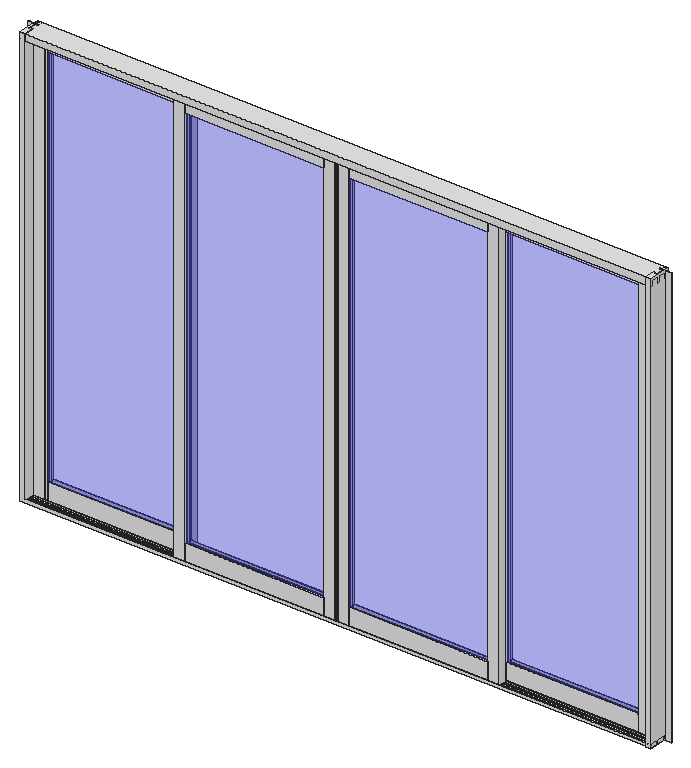
Revit family "Standard-Nail-On-OXXO-Sliding-Door-with-Low-Sill-and-Standard-Hardware", category Doors, host Wall, Revit 2026
Family settings
  Host = Wall
  Classification Number = 23.30.10.14.11
  Always vertical = Yes
  Cut with Voids When Loaded = No
  Shared = No
  Room Calculation Point = No
Parameters (values of type "4 Panel Sliding Door - OXXO")
  Wall Thickness [instance] = 0' - 6"
  URL = "https://www.allweatheraa.com/"
  Type Comments = "Multi-Panel Sliding Door"  # constant formula
  CD_Width Panel = ((CD_Width Opening + (0' 2 39/64" * (CD_Number of Panels - 1))) / CD_Number of Panels) - 0' 0 7/64" - 0' 0 149/256"  # 3' - 1.0791"
  CD_Width Opening = CD_Width - 0' 0 191/256"  # 11' - 11 65/256"
  CD_Width Min Panel = 2' - 8"  # constant formula
  CD_Width Min = (4 * CD_Width Min Panel) + 0' 0 3/4"  # 10' - 8 3/4"
  CD_Width Max Panel = 8' - 0"  # constant formula
  CD_Width Max = (4 * CD_Width Max Panel) + 0' 0 3/4"  # 32' - 0 3/4"
  CD_Width = if(CD_Requested Width > CD_Width Max, CD_Width Max, if(CD_Requested Width < CD_Width Min, CD_Width Min, CD_Requested Width))  # 12' - 0"
  CD_Warranty = "https://www.allweatheraa.com/warranties/"
  CD_Thickness = 0' - 4"  # constant formula
  CD_Specification = "http://allweatheraa.com/specs-cad-bim/"
  CD_Sill Height = 0' - 0 3/4"  # constant formula
  CD_Product Page URL = "https://www.allweatheraa.com/product-series-8150/"
  CD_Product Name = "Series 8150"  # constant formula
  CD_Product Documentation Link = "https://www.allweatheraa.com/architectural-manual/"
  CD_Microsite = "https://microsite.caddetails.com/4461/"
  CD_Jamb Width Right = 0' - 1 1/8"  # constant formula
  CD_Jamb Width Left = 0' - 1 1/8"  # constant formula
  CD_Jamb Extensions Depth [instance] = if(CD_Jamb Extensions Calc > 0' 0 1/8", CD_Jamb Extensions Calc, 0' 0 1/8")  # 0' - 2"
  CD_Jamb Extensions Calc [instance] = Wall Thickness - (CD_Thickness) + CD_Offset - CD_Inset  # 0' - 2"
  CD_Finish Jamb Ext = Wood-By_Others
  Thickness = CD_Thickness  # 0' - 4"
  Rough Width = CD_Width + 0' 1"  # 12' - 1"
  Rough Height = CD_Height + 0' 0 1/2"  # 8' - 0 1/2"
  Operation = "Sliding"
  Model = "OXXO"  # constant formula
  Manufacturer = "All Weather Architectural Aluminum"  # constant formula
  Interior Trim = no
  Function = Exterior
  Frame Projection Ext. = 0' - 1"
  Frame Projection Int. = 0' - 1"
  Frame Width = 0' - 3"
  Height = CD_Height  # 8' - 0"
  Wall Closure = By host
  Width = CD_Width  # 12' - 0"
  CD_Height Panel = CD_Height - 0' 0 47/128" - 0' 1 1/16"  # 7' - 10 73/128"
  CD_Height Min Panel = 3' - 10"  # constant formula
  CD_Height Max Panel = 12' - 0"  # constant formula
  CD_Height = if(CD_Requested Height > CD_Height Max Panel + 0' 1 1/4", CD_Height Max Panel + 0' 1 1/4", if(CD_Requested Height < CD_Height Min Panel + 0' 1 1/4", CD_Height Min Panel + 0' 1 1/4", CD_Requested Height))  # 8' - 0"
  CD_Head Height = 0' - 1 73/128"  # constant formula
  CD_Finish Interior Trim = Metal-Aluminum-All_Weather-Standard-White
  CD_Finish Exterior Trim = Wood-By_Others
  Exterior Trim = no
  Description = "Thermally Broken Stacking Door"  # constant formula
  Center Panel Location = (CD_Width Panel / 2) - 0' 1 5/16"  # 1' - 5.22705"
  CD_Requested Width = 12' - 0"
  CD_Requested Height = 8' - 0"
  CD_Offset = 0' - 0"
  CD_Number of Panels = 4  # constant formula
  CD_Jamb Extension = no
  CD_Inset = 0' - 0"
  CD_Finish Glass = Glass-All_Weather-OA-Insulated_Glass
  CD_Finish = Metal-Aluminum-All_Weather-Standard-White
  Assembly Code = "B2030110"
  Analytic Construction = "<None>"
Reference planes (in)
  plane 1 "Center (Front/Back)": y = 0
  plane 2 "Center (Left/Right)": x = 0
  plane 3 "Left": x = -72
  plane 4 "Right": x = 72
  plane 5 "Top": z = 96
  plane 6 "Exterior": y = 3
  plane 7 "Interior": y = -3
  plane 8 "Nail Fin": y = 3
  plane 9 "Inset": y = 3
  plane 10 "Front": y = 3
  plane 11 "Back": y = -1
  plane 12 "Bottom of Sill": z = 0
  plane 13 "Right Jamb": x = 70.875
  plane 14 "Left Jamb": x = -70.875
  plane 15 "Bottom of Header": z = 94.42969
  plane 16 "Top of Sill": z = 0.75
  plane 17 "Exterior Doors": y = 2
  plane 18 "Interior Doors": y = 0
  plane 19 "Door Sill Offset": z = 0.36719
Forms (in)
  Extrusion 1, solid, material "Wood-By_Others" <- "CD_Finish Exterior Trim", visible <- "Exterior Trim"
    sketch origin (-90, 3, 0) x (-1, 0, 0) y (0, 0, 1)
      loop
        line (-18, 95.63672) -> (-18, 0) -> (-15, 0) -> (-15, 98.63672) -> (-165, 98.63672) -> (-165, 0) -> (-162, 0) -> (-162, 95.63672) -> (-18, 95.63672)
    from 0 to 1
  Extrusion 2, solid, material "Metal-Aluminum-All_Weather-Standard-White" <- "CD_Finish Interior Trim", visible <- "Interior Trim"
    sketch origin (-90, -3, 0) x (1, 0, 0) y (0, 0, 1)
      loop
        line (18, 0) -> (18, 95.63672) -> (162, 95.63672) -> (162, 0) -> (165, 0) -> (165, 98.63672) -> (15, 98.63672) -> (15, 0) -> (18, 0)
    from 0 to 1
  Sweep 3, solid, material "Metal-Aluminum-All_Weather-Standard-White" <- "CD_Finish", detail levels fine
    path origin (0, -1, 0) x (-1, 0, 0) y (0, 0, 1)
      loop
        line (72, 0) -> (72, 96)
    profile origin (-72, -1, 48) x (1, 0, 0) y (0, 1, 0)
      loop
        line (0, 0) -> (1.12385, 0) -> (1.12385, 2.168) -> (0.77985, 2.168) -> (0.77985, 2.043) -> (0.37385, 2.043) -> (0.37385, 3.946) -> (0.77985, 3.946) -> (0.77985, 3.856) -> (1.12385, 3.856) -> (1.12385, 4.016) -> (0.37385, 4.016) -> (0.37385, 4.884) -> (0.99885, 4.884) -> (0.99885, 4.954) -> (0, 4.954) -> (0, 4.5493) -> (0.07, 4.5493) -> (0.07, 4.884) -> (0.30385, 4.884) -> (0.30385, 4.024) -> (-1.5, 4.024) -> (-1.5, 3.954) -> (0, 3.954) -> (0, 0)
  Extrusion 4, solid, material "Wood-By_Others" <- "CD_Finish Jamb Ext", visible <- "CD_Jamb Extension"
    sketch origin (0, 0, 0) x (1, 0, 0) y (0, 0, 1)
      loop
        line (-72, 0) -> (-71.375, 0) -> (-71.375, 95.375) -> (71.375, 95.375) -> (71.375, 0) -> (72, 0) -> (72, 96) -> (-72, 96) -> (-72, 0)
    from 3 to 1
  Sweep 5, solid, material "Metal-Aluminum-All_Weather-Standard-White" <- "CD_Finish", detail levels fine
    path origin (0, 3, 0) x (-1, 0, 0) y (0, 0, 1)
      loop
        line (-72, 96) -> (72, 96)
    profile origin (0, 3, 96) x (0, 0, 1) y (0, 1, 0)
      loop
        line (0, 0.954) -> (-1.08885, 0.954) -> (-1.08885, 0.705) -> (-0.37385, 0.705) -> (-0.37385, 0.388) -> (-0.65885, 0.388) -> (-0.65885, 0.328) -> (-0.37385, 0.328) -> (-0.37385, 0.016) -> (-1.57, 0.016) -> (-1.57, -0.152) -> (-0.37385, -0.152) -> (-0.37385, -1.84) -> (-1.57, -1.84) -> (-1.57, -2.152) -> (-0.37385, -2.152) -> (-0.37385, -3.84) -> (-1.57, -3.84) -> (-1.57, -4) -> (0, -4) -> (0, 0.954)
  Sweep 6, solid, material "Metal-Aluminum-All_Weather-Standard-White" <- "CD_Finish", detail levels fine
    path origin (0, 3, 0) x (-1, 0, 0) y (0, 0, 1)
      loop
        line (-72, 0) -> (72, 0)
    profile origin (0, 3, 0) x (0, 0, 1) y (0, 1, 0)
      loop
        line (0, 0.864) -> (0, -4) -> (0.75, -4) -> (0.75, -3.84) -> (0.185, -3.84) -> (0.14641, -3.40801) -> (0.75, -3.40801) -> (0.75, -3.18981) -> (0.35379, -3.18981) -> (0.35379, -2.80325) -> (0.75, -2.80325) -> (0.75, -2.58399) -> (0.14734, -2.58399) -> (0.17792, -2.152) -> (0.75, -2.152) -> (0.75, -1.84) -> (0.185, -1.84) -> (0.14641, -1.40801) -> (0.75, -1.40801) -> (0.75, -1.18181) -> (0.35379, -1.18181) -> (0.35379, -0.79525) -> (0.75, -0.79525) -> (0.75, -0.58399) -> (0.14734, -0.58399) -> (0.17792, -0.152) -> (0.75, -0.152) -> (0.75, 0.016) -> (0.13, 0.016) -> (0.10974, 0.328) -> (0.4048, 0.328) -> (0.4048, 0.388) -> (0.10584, 0.388) -> (0.07494, 0.864) -> (0, 0.864)
  Extrusion 7, solid, material "Metal-Aluminum-All_Weather-Standard-White" <- "CD_Finish", detail levels coarse+medium
    sketch origin (0, 3, 0) x (-1, 0, 0) y (0, 0, 1)
      loop
        line (-72, 96) -> (-72, 0) -> (72, 0) -> (72, 96) -> (-72, 96)
      loop
        line (70.875, 0.75) -> (70.875, 94.42969) -> (-70.875, 94.42969) -> (-70.875, 0.75) -> (70.875, 0.75)
    from 0 to -4
  Sweep 8, solid, material "Metal-Aluminum-All_Weather-Standard-White" <- "CD_Finish", detail levels fine
    path origin (0, -1, 0) x (1, 0, 0) y (0, 0, 1)
      loop
        line (72, 0) -> (72, 96)
    profile origin (72, -1, 48) x (1, 0, 0) y (0, 1, 0)
      loop
        line (0, 0) -> (0, 3.954) -> (1.5, 3.954) -> (1.5, 4.024) -> (-0.30385, 4.024) -> (-0.30385, 4.884) -> (-0.07, 4.884) -> (-0.07, 4.5493) -> (0, 4.5493) -> (0, 4.954) -> (-0.99885, 4.954) -> (-0.99885, 4.884) -> (-0.37385, 4.884) -> (-0.37385, 4.016) -> (-1.12385, 4.016) -> (-1.12385, 3.856) -> (-0.77985, 3.856) -> (-0.77985, 3.946) -> (-0.37385, 3.946) -> (-0.37385, 2.043) -> (-0.77985, 2.043) -> (-0.77985, 2.168) -> (-1.12385, 2.168) -> (-1.12385, 0) -> (0, 0)
Cuts and joins
  joined: Sweep 3, Sweep 6
Lines and regions (in)
  Opening 1
    outline origin (-90, -3, 0) x (1, 0, 0) y (0, 0, 1)
      loop
        line (18, 0) -> (162, 0) -> (162, 96) -> (18, 96) -> (18, 0)
  Masking region 1, visible <- "CD_Jamb Extension"
    outline origin (0, 0, 0) x (0, 1, 0) y (0, 0, 1)
      loop
        line (-1, 96) -> (-3, 96) -> (-3, 95.375) -> (-1, 95.375) -> (-1, 96)
  Masking region 2, visible <- "CD_Jamb Extension"
    outline origin (0, 0, 0) x (1, 0, 0) y (0, 1, 0)
      loop
        line (72, -3) -> (72, -1) -> (71.375, -1) -> (71.375, -3) -> (72, -3)
      loop
        line (-72, -3) -> (-71.375, -3) -> (-71.375, -1) -> (-72, -1) -> (-72, -3)
Text (in)
  text "Exterior" at (-74.96733, 27.31104, 0), in view "Ref. Level"
  text "Interior" at (-74.96733, -25.14366, 0), in view "Ref. Level"
  text "Exterior" at (0, 40.15149, 123.01588), in view "Right"
  text "Interior" at (0, -64.39139, 123.01588), in view "Right"
  text "Interior" at (0, -31.01599, 123.00693), in view "Left"
  text "Exterior" at (0, 54.57065, 123.00693), in view "Left"
Dimensions and locks (in)
  equal spacing: plane 3 "Left", plane 2 "Center (Left/Right)", plane 4 "Right"
  "Height": level to plane 5 "Top"
  "CD_Width": plane 3 "Left" to plane 4 "Right"
  "Frame Width": Extrusion 2 sketch curve to plane 3 "Left"
  "Frame Width": Extrusion 2 sketch curve to plane 4 "Right"
  "Frame Width": Extrusion 1 sketch curve to Extrusion 1 sketch curve  (x3)
  host wall to plane 5 "Top" = 8' - 0"
  "Frame Projection Int.": Extrusion 2 to host wall
  "Frame Projection Ext.": Extrusion 1 to host wall
  "CD_Offset": plane 8 "Nail Fin" to plane 9 "Inset"
  "CD_Inset": plane 6 "Exterior" to plane 9 "Inset"
  locked: plane 10 "Front" to plane 8 "Nail Fin" at 0
  "Thickness": plane 10 "Front" to plane 11 "Back"
  plane 12 "Bottom of Sill" to level = 0' - 0"
  locked: Extrusion 1 sketch curve to plane 5 "Top" at 0.36328
  locked: Extrusion 2 sketch curve to plane 5 "Top" at 0.36328
  "Frame Width": Extrusion 2 sketch curve to Extrusion 2 sketch curve
  plane 5 "Top" to level = 8' - 0"
  locked: Extrusion 4 sketch curve to Extrusion 2 at 0.625  (x2)
  locked: plane 5 "Top" to Extrusion 4 sketch curve at 0.625
  "Wall Thickness": host wall to host wall
  plane 3 "Left" to plane 4 "Right" = 12' - 0"
  "Thickness": plane 10 "Front" to Extrusion 7
  "CD_Jamb Extensions Depth": Masking region 1 sketch curve to plane 7 "Interior"
  locked: plane 5 "Top" to Masking region 1 sketch curve at 0.625
  locked: plane 3 "Left" to Masking region 2 sketch curve at 0.625
  locked: Masking region 2 sketch curve to plane 4 "Right" at 0.625
  "CD_Jamb Extensions Depth": plane 7 "Interior" to Masking region 2 sketch curve  (x2)
  locked: plane 2 "Center (Left/Right)" to nested 2 at 0.07732
  locked: nested 1 to plane 2 "Center (Left/Right)" at 0.08199
  Sweep 3 sketch curve to Sweep 3 sketch curve to Sweep 3 sketch curve to profile plane to Sweep 3 sketch curve to Sweep 3 sketch curve to Sweep 3 sketch curve to Sweep 3 sketch curve to Sweep 3 sketch curve to Sweep 3 sketch curve to Sweep 3 sketch curve to Sweep 3 sketch curve = 0' - 1 1/2" locked, 0' - 0" locked, 0' - 0" locked, 0' - 0.07" locked, 0' - 0.23385" locked, 0' - 0.07" locked, 0' - 0.406" locked, 0' - 0" locked, 0' - 0.219" locked, 0' - 0 1/8" locked, 0' - 0" locked
  Sweep 3 sketch curve to Sweep 3 sketch curve to Sweep 3 sketch curve to Sweep 3 sketch curve to Sweep 3 sketch curve to Sweep 3 sketch curve to Sweep 3 sketch curve to Sweep 3 sketch curve to Sweep 3 sketch curve to Sweep 3 sketch curve to Sweep 3 sketch curve to profile plane to Sweep 3 sketch curve = 0' - 0.07" locked, 0' - 0" locked, 0' - 0.3347" locked, 0' - 0.5253" locked, 0' - 0.008" locked, 0' - 0.062" locked, 0' - 0.008" locked, 0' - 0.09" locked, 0' - 1.688" locked, 0' - 0 1/8" locked, 0' - 2.043" locked, 0' - 0" locked
  Sweep 8 sketch curve to Sweep 8 sketch curve to Sweep 8 sketch curve to Sweep 8 sketch curve to Sweep 8 sketch curve to Sweep 8 sketch curve to Sweep 8 sketch curve to Sweep 8 sketch curve to Sweep 8 sketch curve to Sweep 8 sketch curve to profile plane to Sweep 8 sketch curve = 0' - 0" locked, 0' - 0 1/8", 0' - 0.219", 0' - 0" locked, 0' - 0.406", 0' - 0.07" locked, 0' - 0.23385" locked, 0' - 0.07", 0' - 0" locked, 0' - 0" locked, 0' - 1 1/2"
  Sweep 8 sketch curve to Sweep 8 sketch curve to Sweep 8 sketch curve to Sweep 8 sketch curve to Sweep 8 sketch curve to Sweep 8 sketch curve to Sweep 8 sketch curve to Sweep 8 sketch curve to Sweep 8 sketch curve to Sweep 8 sketch curve to Sweep 8 sketch curve to profile plane to Sweep 8 sketch curve = 0' - 0.07" locked, 0' - 0" locked, 0' - 0.3347" locked, 0' - 0.5253" locked, 0' - 0.008" locked, 0' - 0.062" locked, 0' - 0.008" locked, 0' - 0.09" locked, 0' - 1.688" locked, 0' - 0 1/8" locked, 0' - 2.043" locked, 0' - 0" locked
  "CD_Jamb Width Right": plane 13 "Right Jamb" to plane 4 "Right"
  "CD_Jamb Width Left": plane 3 "Left" to plane 14 "Left Jamb"
  "CD_Head Height": plane 15 "Bottom of Header" to plane 5 "Top"
  "CD_Sill Height": level to plane 16 "Top of Sill"
  Sweep 5 sketch curve to Sweep 5 sketch curve to Sweep 5 sketch curve to Sweep 5 sketch curve to Sweep 5 sketch curve to profile plane to Sweep 5 sketch curve to Sweep 5 sketch curve to Sweep 5 sketch curve to Sweep 5 sketch curve to Sweep 5 sketch curve = 0' - 0.249" locked, 0' - 0.317" locked, 0' - 0.06" locked, 0' - 0.312" locked, 0' - 0.016" locked, 0' - 0.152" locked, 0' - 1.688" locked, 0' - 0.312" locked, 0' - 1.688" locked, 0' - 0.16" locked
  Sweep 5 sketch curve to Sweep 5 sketch curve to Sweep 5 sketch curve to Sweep 5 sketch curve to Sweep 5 sketch curve to Sweep 5 sketch curve to Sweep 5 sketch curve to Sweep 5 sketch curve to profile plane to Sweep 5 sketch curve = 0' - 0", 0' - 0" locked, 0' - 0.48115" locked, 0' - 0.43" locked, 0' - 0.285" locked, 0' - 0" locked, 0' - 0" locked, 0' - 0.37385" locked, 0' - 0" locked
  locked: plane 10 "Front" to plane 17 "Exterior Doors" at 1
  locked: plane 10 "Front" to plane 18 "Interior Doors" at 3
  locked: plane 3 "Left" to nested 3 at 0.36919
  locked: nested 4 to plane 4 "Right" at 0.37385
  locked: plane 19 "Door Sill Offset" to level at 0.36719
  "CD_Jamb Extensions Depth": plane 11 "Back" to Extrusion 4
  Sweep 6 sketch curve to profile plane to Sweep 6 sketch curve to Sweep 6 sketch curve to Sweep 6 sketch curve to Sweep 6 sketch curve to Sweep 6 sketch curve to Sweep 6 sketch curve to Sweep 6 sketch curve to Sweep 6 sketch curve to Sweep 6 sketch curve to Sweep 6 sketch curve to Sweep 6 sketch curve to Sweep 6 sketch curve to Sweep 6 sketch curve to Sweep 6 sketch curve to Sweep 6 sketch curve to Sweep 6 sketch curve to Sweep 6 sketch curve to Sweep 6 sketch curve to Sweep 6 sketch curve to Sweep 6 sketch curve to Sweep 6 sketch curve to Sweep 6 sketch curve = 0' - 0" locked, 0' - 0.07494" locked, 0' - 0.03091" locked, 0' - 0 1/256" locked, 0' - 0.02026" locked, 0' - 0.01641" locked, 0' - 0" locked, 0' - 0.00093" locked, 0' - 0" locked, 0' - 0.03058" locked, 0' - 0" locked, 0' - 0.00708" locked, 0' - 0" locked, 0' - 0.16879" locked, 0' - 0" locked, 0' - 0.05101" locked, 0' - 0.3452" locked, 0' - 0" locked, 0' - 0" locked, 0' - 0" locked, 0' - 0" locked, 0' - 0" locked, 0' - 0" locked
  Sweep 6 sketch curve to Sweep 6 sketch curve to Sweep 6 sketch curve to Sweep 6 sketch curve to profile plane to Sweep 6 sketch curve to Sweep 6 sketch curve to Sweep 6 sketch curve to Sweep 6 sketch curve to Sweep 6 sketch curve to Sweep 6 sketch curve to Sweep 6 sketch curve to Sweep 6 sketch curve to Sweep 6 sketch curve to Sweep 6 sketch curve to Sweep 6 sketch curve to Sweep 6 sketch curve to Sweep 6 sketch curve = 0' - 0.476" locked, 0' - 0.06" locked, 0' - 0.312" locked, 0' - 0.016" locked, 0' - 0.152" locked, 0' - 0.43199" locked, 0' - 0.21126" locked, 0' - 0.38656" locked, 0' - 0.2262" locked, 0' - 0.43199" locked, 0' - 0.312" locked, 0' - 0.43199" locked, 0' - 0.21926" locked, 0' - 0.38656" locked, 0' - 0.2182" locked, 0' - 0.43199" locked, 0' - 0.16" locked
  aligned and locked: plane 3 "Left" to Opening 1 sketch curve
  aligned and locked: plane 5 "Top" to Opening 1 sketch curve  (x2)
  aligned and locked: Opening 1 sketch curve to plane 4 "Right"
  aligned and locked: Opening 1 sketch curve to level
  aligned and locked: plane 3 "Left" to Extrusion 1 sketch curve
  aligned and locked: Extrusion 1 sketch curve to plane 3 "Left"
  aligned and locked: level to Extrusion 1 sketch curve
  aligned and locked: plane 4 "Right" to Extrusion 1 sketch curve
  aligned and locked: Extrusion 1 to host wall
  aligned and locked: plane 3 "Left" to Extrusion 2 sketch curve
  aligned and locked: plane 4 "Right" to Extrusion 2 sketch curve  (x2)
  aligned and locked: level to Extrusion 2 sketch curve
  aligned and locked: Extrusion 2 sketch curve to level
  aligned and locked: Extrusion 2 to host wall
  aligned and locked: plane 6 "Exterior" to host wall
  aligned and locked: host wall to plane 7 "Interior"
  aligned and locked: plane 3 "Left" to Sweep 3 sketch curve
  aligned and locked: plane 4 "Right" to Sweep 5 sketch curve
  aligned and locked: plane 3 "Left" to Sweep 5 sketch curve
  aligned and locked: plane 3 "Left" to Sweep 6 sketch curve
  aligned and locked: plane 4 "Right" to Sweep 6 sketch curve
  aligned and locked: Sweep 6 sketch curve to level
  aligned and locked: plane 10 "Front" to Extrusion 7
  aligned and locked: cut or joined group of Sweep 3, Sweep 6 to Masking region 2 sketch curve  (x2)
  aligned and locked: plane 4 "Right" to Sweep 8 sketch curve
  aligned and locked: plane 5 "Top" to Sweep 8 sketch curve
  aligned and locked: level to Sweep 8 sketch curve
  aligned and locked: plane 4 "Right" to Extrusion 7 sketch curve
  aligned and locked: plane 13 "Right Jamb" to Extrusion 7 sketch curve
  aligned and locked: plane 5 "Top" to Extrusion 7 sketch curve
  aligned and locked: plane 15 "Bottom of Header" to Extrusion 7 sketch curve
  aligned and locked: Extrusion 7 sketch curve to plane 3 "Left"
  aligned and locked: Extrusion 7 sketch curve to plane 14 "Left Jamb"
  aligned and locked: level to Extrusion 7 sketch curve
  aligned and locked: plane 16 "Top of Sill" to Extrusion 7 sketch curve
  aligned and locked: nested 3 to plane 17 "Exterior Doors"
  aligned and locked: nested 1 to plane 18 "Interior Doors"
  aligned and locked: plane 17 "Exterior Doors" to nested 4
  aligned and locked: plane 18 "Interior Doors" to nested 2
  aligned and locked: nested 1 to plane 19 "Door Sill Offset"
  aligned and locked: nested 3 to plane 19 "Door Sill Offset"
  aligned and locked: plane 19 "Door Sill Offset" to nested 4
  aligned and locked: plane 19 "Door Sill Offset" to nested 2
  aligned and locked: Extrusion 4 to plane 11 "Back"
Automatic sketch dimensions
  Extrusion 1 sketch curve to level = 0' - 0"
  Extrusion 2 sketch curve to level = 0' - 0"
  Sweep 3 sketch curve to level = 0' - 0"
  Sweep 3 sketch curve to plane 5 "Top" = 0' - 0"
  plane 3 "Left" to Extrusion 4 sketch curve = 0' - 0"
  plane 4 "Right" to Extrusion 4 sketch curve = 0' - 0"
  Extrusion 4 sketch curve to level = 0' - 0"  (x2)
  Extrusion 4 sketch curve to plane 5 "Top" = 0' - 0"
  Sweep 5 sketch curve to plane 5 "Top" = 0' - 0"
  Sweep 8 sketch curve to Sweep 8 sketch curve = 0' - 0"
  Sweep 3 sketch curve to Sweep 3 sketch curve = 0' - 0"
  Sweep 5 sketch curve to Sweep 5 sketch curve = 0' - 0"
  Masking region 1 sketch curve to host wall = 0' - 0"
  plane 5 "Top" to Masking region 1 sketch curve = 0' - 0"
  host wall to Masking region 2 sketch curve = 0' - 0"  (x2)
Nested families (in)
  nested 1: "Nested-Panel-All_Weather-Series_8150" at (-18.62154, 0.11336, 0.36719), type "Active Left"
    with CD_Arrow Right yes, CD_Arrow Left no, CD_Internal Door no
  nested 2: "Nested-Panel-All_Weather-Series_8150" at (18.61687, 0.11336, 0.36719) x (-1, 0, 0) z (0, 0, 1), type "Active Right"
    with CD_Arrow Right yes, CD_Arrow Left no
  nested 3: "Nested-Panel-All_Weather-Series_8150" at (-53.09126, 2.11336, 0.36719), type "Fixed"
    with CD_Arrow Right no, CD_Arrow Left no
  nested 4: "Nested-Panel-All_Weather-Series_8150" at (53.0866, 2.11336, 0.36719) x (-1, 0, 0) z (0, 0, 1), type "Fixed"
    with CD_Arrow Right no, CD_Arrow Left no
Definition of nested family "Nested-Panel-All_Weather-Series_8150"
  Parameters (values of type "Active Right")
    URL = "http://www.weathershield.com"
    Type Comments = "Panel with Inside Jamb"
    Model = "8150"  # constant formula
    Manufacturer = "All Weather Architectural Aluminum"  # constant formula
    Description = "Stacking Door Panel"  # constant formula
    Default Elevation = 4' - 0"
    CD_Width = 3' - 1.0791"
    CD_Thickness = 0' - 1 1/2"  # constant formula
    CD_Sill Height = 0' - 4 27/256"  # constant formula
    CD_Pull Jamb = yes
    CD_Pull = yes
    CD_Jamb = no
    CD_Product Page URL = "https://www.allweatheraa.com/doors/series-8150-sliding-doors/"
    CD_Product Documentation Link = "https://www.allweatheraa.com/architectural-manual/"
    CD_Jamb Width Right = if(CD_Pull, 0' 2 23/32", if(CD_Internal Door, 0' 2 159/256", if(CD_Pull Jamb, 0' 3 51/256", 0' 2 39/64")))  # 0' - 2 23/32"
    CD_Jamb Width Left = if(CD_Jamb, 0' 4 19/256", 0' 2 39/64")  # 0' - 2 39/64"
    CD_Internal Door = yes
    CD_Height = 7' - 10 73/128"
    CD_Head Height = 0' - 2 5/8"  # constant formula
    CD_Glass Thickness = 0' - 1"  # constant formula
    CD_Glass Offset = 0' - 0 1/4"  # constant formula
    CD_Glass Inset = 0' - 0 169/256"  # constant formula
    CD_Finish Glass = none
    CD_Finish = none
    CD_Center Panel Right = no
    CD_Center Panel Left = yes
    CD_Arrow Right [instance] = no
    CD_Arrow Left [instance] = no
  Types (3): name | CD_Pull Jamb | CD_Pull | CD_Jamb | CD_Jamb Width Right | CD_Jamb Width Left | CD_Internal Door | CD_Center Panel Right | CD_Center Panel Left
    Active Left | yes | yes | no | 0' - 2 23/32" | 0' - 2 39/64" | yes | no | yes
    Fixed | no | no | yes | 0' - 2 39/64" | 0' - 4 19/256" | no | yes | no
    Active Right | yes | yes | no | 0' - 2 23/32" | 0' - 2 39/64" | yes | no | yes
  Reference planes (in)
    plane 1 "Center (Front/Back)": y = 0.11336
    plane 2 "Bottom": z = 0
    plane 3 "Center (Left/Right)": x = 0
    plane 4 "Front": y = 0.86336
    plane 5 "Back": y = -0.63664
    plane 6 "Left": x = -18.53955
    plane 7 "Right": x = 18.53955
    plane 8 "Top": z = 94.57031
    plane 9 "Glass Front": y = 0.61336
    plane 10 "Glass Back": y = -0.38664
    plane 11 "Glass Top": z = 92.60547
    plane 12 "Glass Bottom": z = 3.44531
    plane 13 "Glass Left": x = -16.59033
    plane 14 "Glass Right": x = 16.48096
    plane 15 "Center (Elevation)": z = 48.02539
    plane 16 "DLO Bottom": z = 4.10547
    plane 17 "DLO Top": z = 91.94531
    plane 18 "DLO Left": x = -15.93018
    plane 19 "DLO Right": x = 15.8208
    plane 20: y = 0.11336
  Forms (in)
    Extrusion 1, solid, material <- "CD_Finish Glass", detail levels coarse
      sketch origin (0, 0, 0) x (1, 0, 0) y (0, 1, 0)
        loop
          line (-15.93018, -0.38664) -> (15.8208, -0.38664) -> (15.8208, 0.61336) -> (-15.93018, 0.61336) -> (-15.93018, -0.38664)
      from 4.10547 to 91.94531
    Sweep 2, solid, material <- "CD_Finish", detail levels medium+fine
      path origin (0, 0.61336, -0.65988) x (-1, 0, 0) y (0, 0, 1)
        loop
          line (-15.8208, 0.65988) -> (15.93018, 0.65988)
      profile origin (-0.05469, 0.61336, 0) x (0, 0, 1) y (0, 1, 0)
        loop
          line (0, 0.2055) -> (0, 0.0495) -> (0.89378, 0.0495) -> (0.89378, -1.05052) -> (0, -1.05052) -> (0, -1.20652) -> (4.10547, -1.20652) -> (4.10547, -1.0615) -> (3.44531, -1.0615) -> (3.44531, 0.0615) -> (4.10547, 0.0615) -> (4.10547, 0.2055) -> (0, 0.2055)
    Sweep 3, solid, material <- "CD_Finish", visible <- "CD_Jamb", detail levels medium+fine
      path origin (0, 0.86336, 0) x (-1, 0, 0) y (0, 0, 1)
        loop
          line (18.53955, 0) -> (18.53955, 94.57031)
      profile origin (-18.53955, 0.86336, 47.28516) x (1, 0, 0) y (0, 1, 0)
        loop
          line (0, 0) -> (0, -0.08) -> (0.23483, -0.08) -> (0.23483, -1.42002) -> (0, -1.42002) -> (0, -1.5) -> (2.60938, -1.5) -> (2.60938, -1.31202) -> (1.94922, -1.31202) -> (1.94922, -0.188) -> (2.60938, -0.188) -> (2.60938, 0) -> (0, 0)
    Sweep 4, solid, material <- "CD_Finish", visible <- "CD_Center Panel Right", detail levels medium+fine
      path origin (0, 0.86336, 0) x (1, 0, 0) y (0, 0, 1)
        loop
          line (18.53955, 0) -> (18.53955, 94.57031)
      profile origin (18.53955, 0.86336, 47.28516) x (1, 0, 0) y (0, 1, 0)
        loop
          line (0, -1.50002) -> (0, -0.00007) -> (-1.80474, -0.00007) -> (-1.80474, 0.40071) -> (-2.50112, 0.40071) -> (-2.59855, 0.3746) -> (-2.59855, 0.27635) -> (-1.90472, 0.27635) -> (-1.90472, 0) -> (-2.71875, 0) -> (-2.71875, -0.188) -> (-2.05859, -0.188) -> (-2.05859, -1.31202) -> (-2.71875, -1.31202) -> (-2.71875, -1.50002) -> (0, -1.50002)
    Sweep 5, solid, material <- "CD_Finish", detail levels medium+fine
      path origin (0, 0.86336, 0) x (-1, 0, 0) y (0, 0, 1)
        loop
          line (15.93018, 94.57031) -> (-15.8208, 94.57031)
      profile origin (-0.05469, 0.86336, 94.57031) x (0, 0, -1) y (0, 1, 0)
        loop
          line (2.625, -0.04395) -> (0, -0.04395) -> (0, -0.12201) -> (0.09375, -0.12201) -> (0.09375, -1.37792) -> (0, -1.37792) -> (0, -1.45597) -> (2.625, -1.45597) -> (2.625, -1.31197) -> (1.96484, -1.31197) -> (1.96484, -0.18788) -> (2.625, -0.18788) -> (2.625, -0.04395)
    Extrusion 6, solid, material <- "CD_Finish", visible <- "CD_Center Panel Left", detail levels medium+fine
      sketch origin (0, 0, 0) x (1, 0, 0) y (0, 1, 0)
        loop
          line (-18.53955, 0.86336) -> (-18.53955, -1.03737) -> (-17.84317, -1.03737) -> (-17.74574, -1.01127) -> (-17.74574, -0.91302) -> (-18.43957, -0.91302) -> (-18.43957, -0.63667) -> (-15.93018, -0.63667) -> (-15.93018, -0.44867) -> (-16.59033, -0.44867) -> (-16.59033, 0.67536) -> (-15.93018, 0.67536) -> (-15.93018, 0.86336) -> (-18.53955, 0.86336)
      from 0 to 94.57031
    Extrusion 7, solid, material <- "CD_Finish", detail levels coarse
      sketch origin (0, 0.61336, 0) x (-1, 0, 0) y (0, 0, 1)
        loop
          line (18.53955, 94.0625) -> (-18.53955, 94.0625) -> (-18.53955, 0.38281) -> (18.53955, 0.38281) -> (18.53955, 94.0625)
        loop
          line (-15.8208, 4.10547) -> (15.93018, 4.10547) -> (15.93018, 91.94531) -> (-15.8208, 91.94531) -> (-15.8208, 4.10547)
      from -1.25 to 0.25
    Sweep 8, solid, material <- "CD_Finish", visible <- "CD_Pull Jamb", detail levels medium+fine
      path origin (0, 0.86328, 0) x (1, 0, 0) y (0, 0, 1)
        loop
          line (18.53955, 0) -> (18.53955, 94.57031)
      profile origin (18.53955, 0.86328, 47.28516) x (1, 0, 0) y (0, 1, 0)
        loop
          line (0, -1.5) -> (0, -1.42) -> (-0.23483, -1.42) -> (-0.23483, -0.07998) -> (0, -0.07998) -> (0, 0) -> (-2.71875, 0) -> (-2.71875, -0.18798) -> (-2.05859, -0.18798) -> (-2.05859, -1.312) -> (-2.71875, -1.312) -> (-2.71875, -1.5) -> (0, -1.5)
    Sweep 9, solid, material <- "CD_Finish", visible <- "CD_Internal Door", detail levels medium+fine
      path origin (14, 0.86328, 0) x (1, 0, 0) y (0, 0, -1)
        loop
          line (4.53955, 0) -> (4.53955, -94.57031)
      profile origin (18.53955, 0.86328, 47.28516) x (1, 0, 0) y (0, 1, 0)
        loop
          line (0.39414, -0.24462) -> (0, -0.24462) -> (0, -0.07998) -> (-0.23483, -0.07998) -> (-0.23483, -1.42) -> (0, -1.42) -> (0, -1.25523) -> (0.39414, -1.25523) -> (0.39414, -0.24462)
    Extrusion 10, solid, material <- "CD_Finish Glass", detail levels medium+fine
      sketch origin (0, 0, 0) x (1, 0, 0) y (0, 1, 0)
        loop
          line (-16.59033, 0.43452) -> (16.48096, 0.43452) -> (16.48096, 0.61336) -> (-16.59033, 0.61336) -> (-16.59033, 0.43452)
        loop
          line (16.48096, -0.2078) -> (-16.59033, -0.2078) -> (-16.59033, -0.38664) -> (16.48096, -0.38664) -> (16.48096, -0.2078)
      from 3.44531 to 92.60547
  Lines and regions (in)
    Masking region 1, detail levels medium+fine
      outline origin (0, 0, 0) x (1, 0, 0) y (0, 1, 0)
        loop
          line (-16.59033, 0.61336) -> (-16.59033, 0.43452) -> (16.48096, 0.43452) -> (16.48096, 0.61336) -> (-16.59033, 0.61336)
        loop
          line (-16.59033, -0.2078) -> (-16.59033, -0.38664) -> (16.48096, -0.38664) -> (16.48096, -0.2078) -> (-16.59033, -0.2078)
    Masking region 2, detail levels medium+fine
      outline origin (0, 0, 94.57031) x (0, 1, 0) y (-1, 0, 0)
        loop
          line (0.61336, -16.48096) -> (0.61336, -15.8208) -> (0.81886, -15.8208) -> (0.81886, 15.93018) -> (0.61336, 15.93018) -> (0.61336, 16.59033) -> (-0.38664, 16.59033) -> (-0.38664, 15.93018) -> (-0.59317, 15.93018) -> (-0.59317, -15.8208) -> (-0.38664, -15.8208) -> (-0.38664, -16.48096) -> (0.61336, -16.48096)
    Masking region 3, detail levels coarse
      outline origin (0, 0, 0) x (1, 0, 0) y (0, 1, 0)
        loop
          line (-15.93018, 0.61336) -> (-15.93018, -0.38664) -> (15.8208, -0.38664) -> (15.8208, 0.61336) -> (-15.93018, 0.61336)
    Masking region 4, detail levels coarse
      outline origin (0, 0, 0) x (1, 0, 0) y (0, 1, 0)
        loop
          line (-18.53955, 0.86336) -> (-18.53955, -0.63664) -> (-15.93018, -0.63664) -> (-15.93018, 0.86336) -> (-18.53955, 0.86336)
        loop
          line (18.53955, 0.86336) -> (15.8208, 0.86336) -> (15.8208, -0.63664) -> (18.53955, -0.63664) -> (18.53955, 0.86336)
    symbolic lines, visible <- "CD_Arrow Left"
      curve 1: line (-14.17236, 0.61336, 45.02539) -> (-14.17236, 0.61336, 51.02539)
      curve 2: line (-14.17236, 0.61336, 45.02539) -> (-11.17236, 0.61336, 48.02539)
      curve 3: line (-11.17236, 0.61336, 48.02539) -> (-14.17236, 0.61336, 51.02539)
    symbolic lines, visible <- "CD_Arrow Right"
      curve 4: line (14.17236, 0.61336, 45.02539) -> (14.17236, 0.61336, 51.02539)
      curve 5: line (14.17236, 0.61336, 45.02539) -> (11.17236, 0.61336, 48.02539)
      curve 6: line (11.17236, 0.61336, 48.02539) -> (14.17236, 0.61336, 51.02539)
  Dimensions and locks (in)
    equal spacing: plane 6 "Left", plane 3 "Center (Left/Right)", plane 7 "Right"
    "CD_Width": plane 6 "Left" to plane 7 "Right"
    equal spacing: plane 4 "Front", plane 1 "Center (Front/Back)", plane 5 "Back"
    "CD_Thickness": plane 4 "Front" to plane 5 "Back"
    locked: plane 10 "Glass Back" to Masking region 1 sketch curve at 0.17884
    locked: plane 9 "Glass Front" to Masking region 1 sketch curve at 0.17884
    equal spacing: plane 11 "Glass Top", plane 15 "Center (Elevation)", plane 12 "Glass Bottom"
    "CD_Glass Inset": plane 16 "DLO Bottom" to plane 12 "Glass Bottom"
    "CD_Glass Inset": plane 11 "Glass Top" to plane 17 "DLO Top"
    "CD_Jamb Width Left": plane 6 "Left" to plane 18 "DLO Left"
    "CD_Jamb Width Right": plane 19 "DLO Right" to plane 7 "Right"
    equal spacing: plane 10 "Glass Back", plane 20, plane 9 "Glass Front"
    curve 3 to curve 3 to plane 15 "Center (Elevation)" to curve 2 = 0' - 3" locked, 0' - 0" locked, 0' - 3" locked
    plane 6 "Left" to curve 1 to curve 3 = 0' - 4 47/128" locked, 0' - 3" locked
    "CD_Height": plane 8 "Top" to plane 2 "Bottom"
    "CD_Glass Offset": Extrusion 7 to plane 10 "Glass Back"
    Extrusion 6 to plane 17 "DLO Top" = 0' - 2 5/8"
    curve 6 to curve 6 to plane 15 "Center (Elevation)" to curve 5 = 0' - 3" locked, 0' - 0" locked, 0' - 3" locked
    plane 7 "Right" to curve 4 to curve 6 = 0' - 4 47/128" locked, 0' - 3" locked
    "CD_Glass Inset": plane 13 "Glass Left" to plane 18 "DLO Left"
    "CD_Glass Inset": plane 19 "DLO Right" to plane 14 "Glass Right"
    locked: profile plane to Sweep 3 sketch curve at 0.23483
    profile plane to Sweep 3 sketch curve to Sweep 3 sketch curve to Sweep 3 sketch curve to Sweep 3 sketch curve to Sweep 3 sketch curve to Sweep 3 sketch curve = 0' - 0" locked, 0' - 0.08" locked, 0' - 0.108" locked, 0' - 1.12402" locked, 0' - 0.108" locked, 0' - 0.07998" locked
    plane 6 "Left" to Extrusion 6 sketch curve to Extrusion 6 sketch curve to Extrusion 6 sketch curve = 0' - 0.09998" locked, 0' - 0.5964" locked, 0' - 0.09743" locked
    Extrusion 6 sketch curve to plane 4 "Front" to Extrusion 6 sketch curve to Extrusion 6 sketch curve to Extrusion 6 sketch curve to Extrusion 6 sketch curve to Extrusion 6 sketch curve to Extrusion 6 sketch curve = 0' - 0" locked, 0' - 0.188" locked, 0' - 1.12402" locked, 0' - 0.188" locked, 0' - 0.27635" locked, 0' - 0.09825" locked, 0' - 0.02611" locked
    plane 19 "DLO Right" to Sweep 4 sketch curve to Sweep 4 sketch curve to Sweep 4 sketch curve to Sweep 4 sketch curve = 0' - 0.1202" locked, 0' - 0.09743" locked, 0' - 0.5964" locked, 0' - 0.09998" locked
    Sweep 4 sketch curve to Sweep 4 sketch curve to Sweep 4 sketch curve to profile plane to Sweep 4 sketch curve to Sweep 4 sketch curve to Sweep 4 sketch curve to Sweep 4 sketch curve to Sweep 4 sketch curve = 0' - 0.02611" locked, 0' - 0.09825" locked, 0' - 0.27635" locked, 0' - 0" locked, 0' - 0.00007" locked, 0' - 0.18793" locked, 0' - 1.12402" locked, 0' - 0.188" locked
    Sweep 8 sketch curve to Sweep 8 sketch curve to Sweep 8 sketch curve to Sweep 8 sketch curve to profile plane = 0' - 0.188" locked, 0' - 1.12402" locked, 0' - 0.18798" locked, 0' - 0" locked
    Extrusion 7 to Extrusion 7 = 0' - 1 1/2"
    "CD_Head Height": plane 8 "Top" to plane 17 "DLO Top"
    "CD_Sill Height": plane 16 "DLO Bottom" to level
    locked: Sweep 5 sketch curve to profile plane at 0.09375
    profile plane to Sweep 5 sketch curve to Sweep 5 sketch curve to Sweep 5 sketch curve = 0' - 0.04395" locked, 0' - 0.07806" locked, 0' - 0.06587" locked
    Sweep 5 sketch curve to Sweep 5 sketch curve to Sweep 5 sketch curve to plane 5 "Back" = 0' - 0.06594" locked, 0' - 0.07806" locked, 0' - 0.04403" locked
    plane 4 "Front" to Sweep 2 sketch curve to Sweep 2 sketch curve to Sweep 2 sketch curve = 0' - 0.0445" locked, 0' - 0.144" locked, 0' - 0.012" locked
    Sweep 2 sketch curve to Sweep 2 sketch curve to Sweep 2 sketch curve to plane 5 "Back" = 0' - 0.01098" locked, 0' - 0.14502" locked, 0' - 0.04348" locked
    "CD_Glass Offset": plane 4 "Front" to plane 9 "Glass Front"
    "CD_Glass Thickness": plane 9 "Glass Front" to plane 10 "Glass Back"
    Sweep 9 sketch curve to Sweep 9 sketch curve to profile plane to Sweep 9 sketch curve = 0' - 0.23483" locked, 0' - 0" locked, 0' - 0.39414" locked
    profile plane to Sweep 9 sketch curve to Sweep 9 sketch curve to Sweep 9 sketch curve to Sweep 9 sketch curve = 0' - 0.07998" locked, 0' - 0.16465" locked, 0' - 1.01061" locked, 0' - 0.16477" locked
    locked: Masking region 2 sketch curve to plane 5 "Back" at 0.04348
    locked: plane 4 "Front" to Masking region 2 sketch curve at 0.0445
    locked: Extrusion 7 sketch curve to plane 8 "Top" at 0.50781
    locked: Extrusion 10 sketch curve to plane 10 "Glass Back" at 0.17884
    locked: plane 9 "Glass Front" to Extrusion 10 sketch curve at 0.17884
    locked: Extrusion 7 sketch curve to level at 0.38281
    aligned and locked: plane 2 "Bottom" to level
    aligned and locked: plane 9 "Glass Front" to Extrusion 1 sketch curve
    aligned and locked: Extrusion 1 sketch curve to plane 10 "Glass Back"
    aligned and locked: Masking region 1 sketch curve to plane 9 "Glass Front"
    aligned and locked: plane 14 "Glass Right" to Masking region 1 sketch curve  (x2)
    aligned and locked: plane 10 "Glass Back" to Masking region 1 sketch curve
    aligned and locked: Masking region 1 sketch curve to plane 13 "Glass Left"  (x2)
    aligned and locked: Sweep 3 sketch curve to plane 6 "Left"
    aligned and locked: Sweep 5 sketch curve to plane 8 "Top"
    aligned and locked: plane 18 "DLO Left" to Sweep 5 sketch curve
    aligned and locked: plane 19 "DLO Right" to Sweep 5 sketch curve
    aligned and locked: plane 18 "DLO Left" to Sweep 2 sketch curve
    aligned and locked: plane 19 "DLO Right" to Sweep 2 sketch curve
    aligned and locked: plane 7 "Right" to Extrusion 7 sketch curve
    aligned and locked: Extrusion 7 sketch curve to plane 6 "Left"
    aligned and locked: plane 4 "Front" to Extrusion 7
    aligned and locked: Extrusion 7 sketch curve to plane 17 "DLO Top"
    aligned and locked: plane 13 "Glass Left" to Sweep 3 sketch curve
    aligned and locked: plane 18 "DLO Left" to Sweep 3 sketch curve  (x2)
    aligned and locked: Sweep 3 sketch curve to profile plane  (x2)
    aligned and locked: Extrusion 6 sketch curve to plane 18 "DLO Left"  (x2)
    aligned and locked: Extrusion 6 sketch curve to plane 13 "Glass Left"
    aligned and locked: plane 6 "Left" to Extrusion 6 sketch curve
    aligned and locked: Sweep 4 sketch curve to profile plane
    aligned and locked: plane 14 "Glass Right" to Sweep 4 sketch curve
    aligned and locked: plane 19 "DLO Right" to Sweep 4 sketch curve  (x2)
    aligned and locked: profile plane to Sweep 8 sketch curve  (x2)
    aligned and locked: Sweep 8 sketch curve to plane 14 "Glass Right"
    aligned and locked: Sweep 8 sketch curve to plane 19 "DLO Right"  (x2)
    aligned and locked: Sweep 5 sketch curve to plane 11 "Glass Top"
    aligned and locked: plane 17 "DLO Top" to Sweep 5 sketch curve
    aligned and locked: Sweep 5 sketch curve to plane 17 "DLO Top"
    aligned and locked: plane 12 "Glass Bottom" to Sweep 2 sketch curve
    aligned and locked: Sweep 2 sketch curve to plane 16 "DLO Bottom"
    aligned and locked: plane 16 "DLO Bottom" to Sweep 2 sketch curve
    aligned and locked: Sweep 2 sketch curve to plane 2 "Bottom"
    aligned and locked: plane 2 "Bottom" to Sweep 2 sketch curve
    aligned and locked: level to Sweep 2 sketch curve
    aligned and locked: plane 8 "Top" to Sweep 3 sketch curve
    aligned and locked: level to Sweep 3 sketch curve
    aligned and locked: level to Sweep 4 sketch curve
    aligned and locked: plane 8 "Top" to Sweep 4 sketch curve
    aligned and locked: plane 8 "Top" to Sweep 8 sketch curve
    aligned and locked: level to Sweep 8 sketch curve
    aligned and locked: Sweep 9 sketch curve to plane 7 "Right"
    aligned and locked: level to Sweep 9 sketch curve
    aligned and locked: plane 8 "Top" to Sweep 9 sketch curve
    aligned and locked: plane 8 "Top" to Extrusion 6
    aligned and locked: Extrusion 6 to level
    aligned and locked: plane 14 "Glass Right" to Masking region 2 sketch curve
    aligned and locked: plane 10 "Glass Back" to Masking region 2 sketch curve  (x2)
    aligned and locked: Masking region 2 sketch curve to plane 9 "Glass Front"  (x2)
    aligned and locked: Masking region 2 sketch curve to plane 18 "DLO Left"  (x2)
    aligned and locked: Masking region 2 sketch curve to plane 13 "Glass Left"
    aligned and locked: plane 19 "DLO Right" to Masking region 2 sketch curve  (x2)
    aligned and locked: plane 18 "DLO Left" to Extrusion 1 sketch curve
    aligned and locked: Extrusion 1 sketch curve to plane 19 "DLO Right"
    aligned and locked: plane 13 "Glass Left" to Extrusion 10 sketch curve  (x2)
    aligned and locked: Extrusion 10 sketch curve to plane 14 "Glass Right"  (x2)
    aligned and locked: plane 9 "Glass Front" to Extrusion 10 sketch curve
    aligned and locked: Extrusion 10 sketch curve to plane 10 "Glass Back"
    aligned and locked: Extrusion 10 to plane 12 "Glass Bottom"
    aligned and locked: plane 11 "Glass Top" to Extrusion 10
    aligned and locked: plane 17 "DLO Top" to Extrusion 1
    aligned and locked: Extrusion 1 to plane 16 "DLO Bottom"
    aligned and locked: plane 16 "DLO Bottom" to Extrusion 7 sketch curve
    aligned and locked: Extrusion 7 sketch curve to plane 18 "DLO Left"
    aligned and locked: plane 19 "DLO Right" to Extrusion 7 sketch curve
    aligned and locked: Masking region 3 sketch curve to Extrusion 1  (x4)
    aligned and locked: Masking region 4 sketch curve to Extrusion 7  (x7)
    aligned and locked: Extrusion 7 to Masking region 4 sketch curve
  Automatic sketch dimensions
    Sweep 2 sketch curve to profile plane = 0' - 0.89378"
    plane 7 "Right" to Sweep 4 sketch curve = 0' - 0"
    Sweep 5 sketch curve to profile plane = 0' - 0"  (x2)
    plane 7 "Right" to Sweep 8 sketch curve = 0' - 0"
    Sweep 8 sketch curve to Sweep 8 sketch curve = 0' - 0.23483"
    Sweep 8 sketch curve to Sweep 8 sketch curve = 0' - 0.08"
    Sweep 8 sketch curve to profile plane = 0' - 0.07998"
    Sweep 9 sketch curve to profile plane = 0' - 0"
